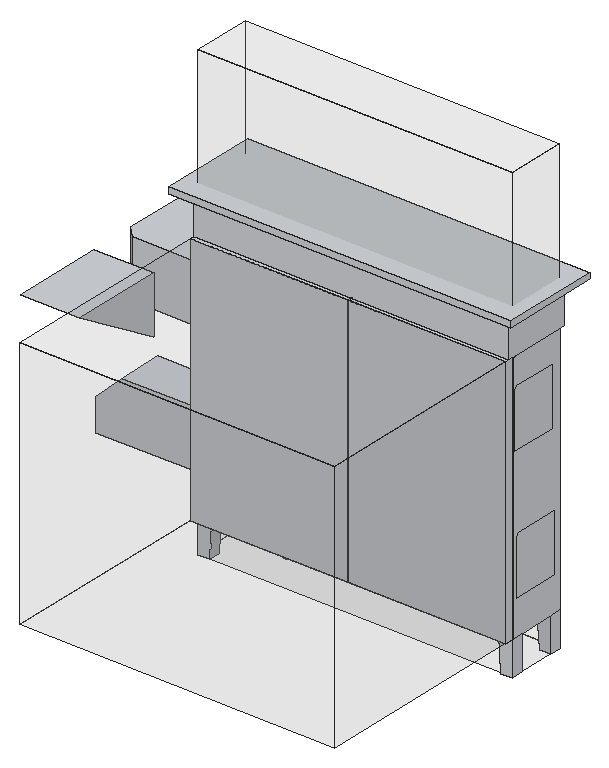
Revit family "AHU 3 _6", category Mechanické zařízení, Revit 2018
Family settings
  Kóta kulaté spojky = Použít průměr
  Typ dílu = Normální
  Číslo OmniClass = 23.75.00.00
  Nadpis OmniClass = Climate Control (HVAC)
  Založené na pracovní rovině = Ne
  Vždy vertikální = Ano
  Ořezat dutým tvarem při načtení = Ne
  Sdílené = Ne
  Bod výpočtu místnosti = Ne
Parameters (values of type "DUPLEXVENT Flexi (3G) DV650 (RD5)")
  Width [instance] = 0.298 mm
  Weight [instance] = 130.00 kg
  URL = ""
  Type [instance] = "DUPLEXVENT Flexi (3G) DV650 (RD5)"
  Total_SFP [instance] = 0
  Supply_outlet_hum [instance] = 27.8
  Supply_inlet_hum [instance] = 90
  Supply_ext_pressure [instance] = 100.0 Pa
  Supply_SFP [instance] = 0
  Source_adu_file [instance] = "C:\\\\Users\\\\dgavril\\\\OneDrive - Airflow Developments Ltd\\\\Desktop\\\\adu durley chine V4.adu"
  Recuperation_type [instance] = "Plate heat recovery exchanger"
  Recuperation_efficiency_EN308 [instance] = 75.8
  Project_name [instance] = "Durley Chine Passivhaus"
  Project_date [instance] = "13-08-2021"
  Power_supply_fusing [instance] = "0"
  Power_supply_cable [instance] = "0"
  Position [instance] = "AHU 3 "
  Phases_count [instance] = 1
  Panel_thickness [instance] = 0.06 mm
  Outer_surface [instance] = "RAL 9002"
  Length [instance] = 1.37 mm
  Insulation_type [instance] = "PUR"
  Insulation_thickness [instance] = 0.05 mm
  Installation_environment [instance] = ""
  Input_power_max [instance] = 340 W
  Inner_surface [instance] = "Pozink"
  I2 [instance] = I1  # 0.0 L/s
  Height [instance] = 1.1 mm
  Exhaust_outlet_hum [instance] = 97.1
  Exhaust_inlet_hum [instance] = 40
  Exhaust_ext_pressure [instance] = 100.0 Pa
  Exhaust_SFP [instance] = 0
  E1 [instance] = E2 - M1  # 0.0 L/s
  E2 [instance] = 0.0 L/s
  I1 [instance] = 0.0 L/s
  Description = ""
  M1 [instance] = 0.0 L/s
  Device_dutypoint_version [instance] = "5"
  Device_design_version [instance] = "21"
  Device_adu_id [instance] = "6"
  Current_max [instance] = 2.8 A
  Casing_mat [instance] = "painted zinc layer"
  Cable type [instance] = "CYKY 5Jx2,5"
Reference planes
  plane 1 "Střed (vpředu/vzadu)": y = 0
  plane 2 "ref": z = 0
  plane 3 "Střed (vlevo/vpravo)": x = 0
Forms (mm)
  Sweep 1, solid
    path origin (0, 0, 0) x (0, 0, 1) y (1, 0, 0)
      loop
        line (0, 0) -> (1100, 0)
    profile origin (0, 0, 0) x (1, 0, 0) y (0, 1, 0)
      loop
        line (0, 0) -> (1370, 0) -> (1370, 260) -> (0, 260) -> (0, 0)
  Sweep 2, solid
    path origin (0, 0, 0) x (0, 0, 1) y (1, 0, 0)
      loop
        line (0, 0) -> (1100, 0)
    profile origin (0, 0, 0) x (1, 0, 0) y (0, 1, 0)
      loop
        line (0, 0) -> (0, -38) -> (1370, -38) -> (1370, 0) -> (0, 0)
  Sweep 3, solid
    path origin (-233, 225, 277) x (1, 0, 0) y (0, 1, 0)
      loop
        line (0, 0) -> (0, -200)
    profile origin (-233, 225, 277) x (1, 0, 0) y (0, 0, 1)
      loop
        line (233, 125) -> (-120, 125) -> (-233, 13) -> (-233, -125) -> (233, -125) -> (233, 125)
  Sweep 4, solid
    path origin (0, 0, 152) x (0, 0, 1) y (1, 0, 0)
      loop
        line (0, 0) -> (250, 0)
    profile origin (0, 0, 152) x (1, 0, 0) y (0, 1, 0)
      loop
        line (-1, 25) -> (0, 25) -> (0, 225) -> (-1, 225) -> (-1, 25)
  Sweep 5, solid
    path origin (1369, 115, 853) x (1, 0, 0) y (0, 1, 0)
      loop
        line (0, 0) -> (1, 0)
    profile origin (1369, 115, 853) x (0, 1, 0) y (0, 0, 1)
      loop
        line (-100, 125) -> (-100, -125) -> (100, -125) -> (100, 125) -> (-100, 125)
  Sweep 6, solid
    path origin (1369, 125, 277) x (1, 0, 0) y (0, 1, 0)
      loop
        line (0, 0) -> (1, 0)
    profile origin (1369, 125, 277) x (0, 1, 0) y (0, 0, 1)
      loop
        line (-100, 125) -> (-100, -125) -> (100, -125) -> (100, 125) -> (-100, 125)
  Sweep 7, solid
    path origin (-172, 115, 728) x (0, 0, 1) y (1, 0, 0)
      loop
        line (0, 0) -> (250, 0)
    profile origin (-172, 115, 728) x (1, 0, 0) y (0, 1, 0)
      loop
        line (172, 100) -> (86, 100) -> (86, 250) -> (-172, 250) -> (-172, -50) -> (-122, -100) -> (172, -100) -> (172, 100)
  Sweep 8, solid
    path origin (-86, 115, 853) x (0, 1, 0) y (-1, 0, 0)
      loop
        line (0, 0) -> (0, 259)
    profile origin (-86, 115, 853) x (0, -1, 0) y (0, 0, 1)
      loop
        line (250, -125) -> (650, 125) -> (250, 125) -> (250, -125)
  Sweep 9, solid
    path origin (0, 0, 728) x (0, 0, 1) y (1, 0, 0)
      loop
        line (0, 0) -> (250, 0)
    profile origin (0, 0, 728) x (1, 0, 0) y (0, 1, 0)
      loop
        line (-1, 15) -> (0, 15) -> (0, 215) -> (-1, 215) -> (-1, 15)
  Sweep 10, solid
    path origin (0, 0, 1275) x (0, 0, 1) y (1, 0, 0)
      loop
        line (0, 0) -> (25, 0)
    profile origin (0, 0, 1275) x (1, 0, 0) y (0, 1, 0)
      loop
        line (-60, -85) -> (1430, -85) -> (1430, 345) -> (-60, 345) -> (-60, -85)
  Sweep 11, solid
    path origin (0, 0, 1100) x (0, 0, 1) y (1, 0, 0)
      loop
        line (0, 0) -> (175, 0)
    profile origin (0, 0, 1100) x (1, 0, 0) y (0, 1, 0)
      loop
        line (0, -20) -> (1370, -20) -> (1370, 280) -> (0, 280) -> (0, -20)
  Sweep 12, solid
    path origin (380, 15, 0) x (0, -1, 0) y (0, 0, 1)
      loop
        line (0, 0) -> (0, -30)
    profile origin (380, 15, 0) x (-1, 0, 0) y (0, -1, 0)
      loop
        circle (0, 0) r 16
  Sweep 13, solid, material "Servisní prostor"
    path origin (0, 0, 0) x (0, 0, 1) y (1, 0, 0)
      loop
        line (0, 0) -> (1100, 0)
    profile origin (0, 0, 0) x (1, 0, 0) y (0, 1, 0)
      loop
        line (0, -968) -> (1370, -968) -> (1370, -38) -> (0, -38) -> (0, -968)
  Sweep 14, solid, material "Servisní prostor"
    path origin (0, 0, 1100) x (0, 0, 1) y (1, 0, 0)
      loop
        line (0, 0) -> (720, 0)
    profile origin (0, 0, 1100) x (1, 0, 0) y (0, 1, 0)
      loop
        line (0, 0) -> (1370, 0) -> (1370, 260) -> (0, 260) -> (0, 0)
  Sweep 15, solid, material "Servisní prostor"
    path origin (0, 0, -150) x (0, 0, 1) y (1, 0, 0)
      loop
        line (0, 0) -> (150, 0)
    profile origin (0, 0, -150) x (1, 0, 0) y (0, 1, 0)
      loop
        line (0, 260) -> (0, 0) -> (1370, 0) -> (1370, 260) -> (0, 260)
  Sweep 16, solid
    path origin (0, 0, 0) x (0, 0, 1) y (1, 0, 0)
      loop
        line (0, 0) -> (1100, 0)
    profile origin (0, 0, 0) x (1, 0, 0) y (0, 1, 0)
      loop
        line (0, -38) -> (685, -38) -> (685, -5) -> (0, -5) -> (0, -38)
  Sweep 17, solid
    path origin (0, 0, 0) x (0, 0, 1) y (1, 0, 0)
      loop
        line (0, 0) -> (1100, 0)
    profile origin (0, 0, 0) x (1, 0, 0) y (0, 1, 0)
      loop
        line (685, -38) -> (1370, -38) -> (1370, -5) -> (685, -5) -> (685, -38)
  Sweep 18, solid
    path origin (25, 50, 0) x (1, 0, 0) y (0, 1, 0)
      loop
        line (0, 0) -> (0, -50)
    profile origin (25, 50, 0) x (1, 0, 0) y (0, 0, 1)
      loop
        line (-25, 0) -> (-25, -150) -> (25, -150) -> (35, 0) -> (-25, 0)
  Sweep 19, solid
    path origin (1345, 50, 0) x (1, 0, 0) y (0, 1, 0)
      loop
        line (0, 0) -> (0, -50)
    profile origin (1345, 50, 0) x (1, 0, 0) y (0, 0, 1)
      loop
        line (-35, 0) -> (-25, -150) -> (25, -150) -> (25, 0) -> (-35, 0)
  Sweep 20, solid
    path origin (25, 260, 0) x (1, 0, 0) y (0, 1, 0)
      loop
        line (0, 0) -> (0, -50)
    profile origin (25, 260, 0) x (1, 0, 0) y (0, 0, 1)
      loop
        line (-25, 0) -> (-25, -150) -> (25, -150) -> (35, 0) -> (-25, 0)
  Sweep 21, solid
    path origin (1345, 260, 0) x (1, 0, 0) y (0, 1, 0)
      loop
        line (0, 0) -> (0, -50)
    profile origin (1345, 260, 0) x (1, 0, 0) y (0, 0, 1)
      loop
        line (-35, 0) -> (-25, -150) -> (25, -150) -> (25, 0) -> (-35, 0)
  Sweep 22, solid
    path origin (0, 0, 1100) x (0, 0, 1) y (1, 0, 0)
      loop
        line (0, 0) -> (125, 0)
    profile origin (0, 0, 1100) x (1, 0, 0) y (0, 1, 0)
      loop
        line (315, 17) -> (970, 17) -> (970, 207) -> (315, 207) -> (315, 17)
  Sweep 23, solid
    path origin (315, 112, 1163) x (0, 0, -1) y (1, 0, 0)
      loop
        line (0, 0) -> (0, -1)
    profile origin (315, 112, 1163) x (0, 0, -1) y (0, -1, 0)
      loop
        circle (0, 0) r 10
Lines and regions (mm)
  model lines, style "Symbol"
    curve 1: line (750, -38, 0) -> (750, -38, 220)
    curve 2: line (750, -38, 1100) -> (750, -38, 880)
    curve 3: line (0, -38, 550) -> (420, -38, 550)
    curve 4: line (1370, -38, 550) -> (1080, -38, 550)
    curve 5: line (420, -38, 550) -> (585, -38, 880)
    curve 6: line (585, -38, 880) -> (915, -38, 880)
    curve 7: line (915, -38, 880) -> (1080, -38, 550)
    curve 8: line (1080, -38, 550) -> (915, -38, 220)
    curve 9: line (915, -38, 220) -> (750, -38, 220)
    curve 10: line (750, -38, 220) -> (585, -38, 220)
    curve 11: line (585, -38, 220) -> (420, -38, 550)
    curve 12: line (1128, -38, 903) -> (1304, -38, 873)
    curve 13: line (1128, -38, 747) -> (1304, -38, 777)
    curve 14: line (242, -38, 747) -> (66, -38, 777)
    curve 15: line (242, -38, 903) -> (66, -38, 873)
    curve 16: line (123, -38, 110) -> (123, -38, 440)
    curve 17: line (123, -38, 440) -> (205, -38, 440)
    curve 18: line (205, -38, 440) -> (205, -38, 110)
    curve 19: line (205, -38, 110) -> (123, -38, 110)
    curve 20: line (164, -38, 110) -> (205, -38, 275)
    curve 21: line (164, -38, 440) -> (205, -38, 275)
    curve 22: line (1247, -38, 440) -> (1247, -38, 110)
    curve 23: line (1247, -38, 110) -> (1165, -38, 110)
    curve 24: line (1165, -38, 110) -> (1165, -38, 440)
    curve 25: line (1165, -38, 440) -> (1247, -38, 440)
    curve 26: line (1206, -38, 440) -> (1165, -38, 275)
    curve 27: line (1206, -38, 110) -> (1165, -38, 275)
    curve 28: line (525, -38, 192) -> (376, -38, 487)
    curve 29: line (376, -38, 487) -> (425, -38, 512)
    curve 30: line (425, -38, 512) -> (574, -38, 217)
    curve 31: line (574, -38, 217) -> (525, -38, 192)
    curve 32: line (435, -38, 381) -> (455, -38, 440)
    curve 33: line (495, -38, 264) -> (515, -38, 323)
    curve 34: line (0, -38, 0) -> (685, -38, 0)
    curve 35: line (0, -38, 1100) -> (685, -38, 1100)
    curve 36: line (0, -38, 0) -> (0, -38, 1100)
    curve 37: line (685, -38, 0) -> (685, -38, 1100)
    curve 38: line (0, -38, 0) -> (0, -5, 0)
    curve 39: line (685, -38, 0) -> (685, -5, 0)
    curve 40: line (0, -38, 1100) -> (0, -5, 1100)
    curve 41: line (685, -38, 1100) -> (685, -5, 1100)
    curve 42: line (685, -38, 0) -> (1370, -38, 0)
    curve 43: line (685, -38, 1100) -> (1370, -38, 1100)
    curve 44: line (685, -38, 0) -> (685, -38, 1100)
    curve 45: line (1370, -38, 0) -> (1370, -38, 1100)
    curve 46: line (685, -38, 0) -> (685, -5, 0)
    curve 47: line (1370, -38, 0) -> (1370, -5, 0)
    curve 48: line (685, -38, 1100) -> (685, -5, 1100)
    curve 49: line (1370, -38, 1100) -> (1370, -5, 1100)
    curve 50: circle (1205, -38, 825) r 110 normal (0, -1, 0)
    curve 51: circle (165, -38, 825) r 110 normal (0, -1, 0)
    curve 52: circle (445, -38, 411) r 8 normal (0, -1, 0)
    curve 53: circle (505, -38, 293) r 8 normal (0, -1, 0)
Dimensions and locks
  aligned and locked: level to plane 2 "ref"
Connectors
  hvac at (-0.5, 125, 402), driven by "E1"
    settings: on Sweep 4, index 1, duct flow 0.0 L/s, flow factor 0, pres drop 0.0 Pa, loss coef 0, conn angle 0.00°, conn width 10 mm, conn height 10 mm, conn diameter 609.6 mm, duct sys type 1, conn prof type 1, flow config 1, flow direction 1, loss method 0, conn ref index -1, conn util no, is conn primary yes, conn desc ""
  hvac at (1370, 115, 853), driven by "E2"
    settings: on Sweep 5, index 2, duct flow 0.0 L/s, flow factor 1, pres drop 0.0 Pa, loss coef 0, conn angle 0.00°, conn width 200 mm, conn height 250 mm, conn diameter 609.6 mm, duct sys type 1, conn prof type 1, flow config 2, flow direction 2, loss method 0, conn ref index -1, conn util no, is conn primary no, conn desc ""
  hvac at (1370, 125, 277), driven by "I1"
    settings: on Sweep 6, index 3, duct flow 0.0 L/s, flow factor 1, pres drop 0.0 Pa, loss coef 0, conn angle 0.00°, conn width 200 mm, conn height 250 mm, conn diameter 609.6 mm, duct sys type 3, conn prof type 1, flow config 2, flow direction 1, loss method 0, conn ref index -1, conn util no, is conn primary no, conn desc ""
  hvac at (-0.5, 115, 978), driven by "I2"
    settings: on Sweep 9, index 4, duct flow 0.0 L/s, flow factor 0, pres drop 0.0 Pa, loss coef 0, conn angle 0.00°, conn width 10 mm, conn height 10 mm, conn diameter 609.6 mm, duct sys type 3, conn prof type 1, flow config 1, flow direction 2, loss method 0, conn ref index -1, conn util no, is conn primary no, conn desc ""
  piping at (380, 15, -30), diameter 22
    settings: on Sweep 12, index 5, connector inside diameter 609.6 mm, connector length 0 mm, flow factor 0, pipe flow 0.0 L/s, pressure drop 0.0 Pa, fitting loss kfactor 0, connector angle 0.00°, fixture units 0, engagement length 0 mm, angle of deflection 0.00°, flow configuration 1, flow direction 2, fitting loss method 0, system type 16, joint type 0, gender type 0, connector reference index -1, connector utility 0, adjustable connector no, is connector primary yes, connector description ""
  electrical at (314, 112, 1163)
    settings: on Sweep 23, index 6, voltage 230 V, apparent load 0 VA, apparent load phase1 0 VA, apparent load phase2 0 VA, apparent load phase3 0 VA, power factor 1, load classification "Další", number of poles 1, system type 31, power factor state 1, is connector primary yes, connector utility no, sub classification motor no, connector description ""
